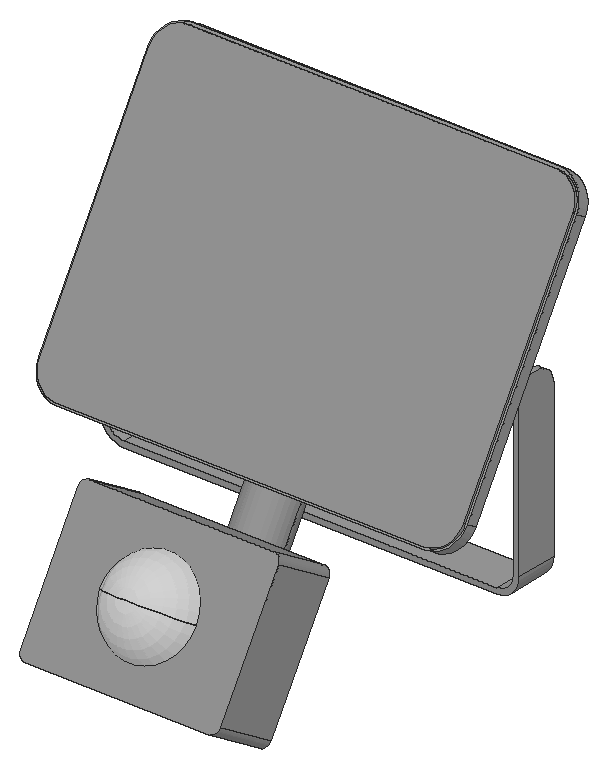
Revit family "0047966 Sylvania Lighting Fixture START eco Flood Flat IP54 PIR 2800lm 830", category Lighting Fixtures, host Face, Revit 2016
Family settings
  Host = Face
  Part Type = Normal
  Round Connector Dimension = Use Diameter
  OmniClass Number = 23.80.70.00
  OmniClass Title = Lighting
  Cut with Voids When Loaded = No
  Light Source = No
  Shared = No
  Room Calculation Point = No
Parameters (values of type "0047966 ST E FLD FLT IP54 PIR 2800LM 830")
  WidthBracketIn_SYL = if([10W_SYL], 102.2 mm, if([30W_SYL], 143.3 mm, if([50W_SYL], 181 mm, 262.8 mm)))  # 143.3 mm
  Weight = "4.88 kg"
  Wattage Comments = ""
  WarrantyStartDate [instance] = "n/a"
  WarrantyGuarantorParts = "n/a"
  WarrantyDurationUnit = "n/a"
  WarrantyDurationParts = "n/a"
  WarrantyDescription = "n/a"
  Voltage = 0 V
  URL = "http://www.sylvania-lighting.com"
  TypeName = "START eco Flood Flat IP54 PIR 2800lm 830"
  TypeLight_SYL = START eco Flood Flat Lamp : 0047966 ST E FLD FLT IP54 PIR 2800LM 830
  Type Image = <None>
  Type Comments = "n/a"
  ThicknessBracket_SYL = if([10W_SYL], 1.5 mm, 2 mm)  # 2 mm
  SerialNumber [instance] = "n/a"
  RotationAngle_SYL [instance] = 32.00°
  RadiusBracket_SYL = if([10W_SYL], 7.7 mm, if([30W_SYL], 8 mm, if([50W_SYL], 17 mm, 14 mm)))  # 8 mm
  RadiusBracketIn_SYL = RadiusBracket_SYL - ThicknessBracket_SYL  # 6 mm
  OffsetAxis_SYL = DepthBracket_SYL / 2  # 7.5 mm
  PowerFactor = 0.9
  PowerConsumption = "31 W"
  NominalLength = 156 mm
  NominalHeight = 67 mm
  NominalDepth = 178 mm
  Name = "START eco Flood Flat IP54 PIR 2800lm 830"
  ModelReference = Name  # "START eco Flood Flat IP54 PIR 2800lm 830"
  ModelNumber = "0047966"
  Model = Name  # "START eco Flood Flat IP54 PIR 2800lm 830"
  Material = "adc12 housing"
  ManufacturerName = "Feilo Sylvania"
  Manufacturer = "Feilo Sylvania"
  LuminousEfficacy = "87 lm/W"
  LuminaireType = ""
  LightOutputRatio = "n/a"
  LampsType = Lamp  # "LED"
  LampNominalLuminous = "2700 lm"
  LampMacAdamStep = "n/a"
  LampColourTemperature = "3000 K"
  LampColourRenderingIndex = "80"
  Lamp = "LED"
  Keynote = "16500"
  InstallationDate [instance] = "n/a"
  InputVoltage = "n/a"
  InputNominalFrequency = "n/a"
  IngressProtection = "IP54"
  ImpactProtectionIndex = "IK05"
  IfcExportType = "IfcLightFixtureType"
  IfcExportAs = "IfcLightFixtureType"
  HeightBracket_SYL = if([10W_SYL], 55 mm, if([30W_SYL], 70 mm, if([50W_SYL], 110 mm, 141 mm)))  # 70 mm
  ExpectedLife = 30000
  EndAngle_SYL [instance] = RotationAngle_SYL + 180.00°  # 212.00°
  ElectricShockClassification = "Class I"
  DurationUnit = "hours"
  DocumentationLiterature = "http://www.sylvania-lighting.com/product/en-int/products/0047966"
  DimmingControlOptions = "n/a"
  Description = "The new Start eco Flood Flat comes with improved design. The streamlined, durable, lightweight die-cast aluminium body makes it a perfect choice for building facades, car parks, garages and construction areas. The product includes 1 m pre-wired stripped cable and fitting bracket for quick and easy installation and the universal mounting bracket allows wall or surface mounting with the possibility of vertical tilting. Black die-cast aluminum housing, white reflector, 2700 lm, 31 W, 87 lm/W, 3000K, drive current 116 mA, non dimmable, CRI>80, IP54, IK06 - fixture, IK05 - sensor, Class I, lumen maintenance L70:B50: 30000 hrs, 156 x 178 x 67 mm (L x W x H). Weight: 0.61kg.  PIR sensor included. Energy class: A++ A+ A."
  DepthBracket_SYL = if([10W_SYL], 15 mm, if([30W_SYL], 15 mm, if([50W_SYL], 17 mm, 25 mm)))  # 15 mm
  Default Elevation = 1219.2 mm
  CreatedOn = "10/8/2018"
  CreatedBy = "@sylvania-lighting.com"
  Cost = 0
  built-in parameter 1114216 [instance] = (empty or 0)
  ClassificationValue = "EF_70_80"
  ClassificationName = "Uniclass2015"
  Material_1_SYL = Body-Sylvania-FloodFlat-Black
  BarCode [instance] = "n/a"
  AssetType = "Fixed"
  AssetIdentifier [instance] = "n/a"
  Assembly Code = "D5020200"
  Apparent Load = 31 VA
  50W_SYL = no
  30W_SYL = yes
  10W_SYL = no
Reference planes
  plane 1 "Center (Front/Back)": y = 0
  plane 2: z = 0
  plane 3 "Center (Left/Right)": x = 0
  plane 4: x = -73.65
  plane 5: x = 73.65
  plane 6: z = 70
  plane 7: z = 62.5
  plane 8: x = -71.65
  plane 9: x = 71.65
  plane 10: z = 2
  plane 11: y = 7.5
  plane 12: y = -7.5
  plane 13: x = -65.65
  plane 14: z = 8
  plane 15: x = 65.65
  plane 16: y = -9.5
  plane 17: z = 72
  plane 18: y = 9.5
Forms (mm)
  Extrusion 1, solid, material "Body-Sylvania-FloodFlat-Black" <- "Material_1_SYL"
    sketch origin (0, 0, 0) x (1, 0, 0) y (0, 0, 1)
      loop
        line (-71.65, 70) -> (-73.65, 70) -> (-73.65, 8)
        arc (-73.65, 8) -> (-71.307, 2.343) -> (-65.65, 0) r 8
        line (-65.65, 0) -> (65.65, 0)
        arc (65.65, 0) -> (71.307, 2.343) -> (73.65, 8) r 8
        line (73.65, 8) -> (73.65, 70) -> (71.65, 70) -> (71.65, 8)
        arc (71.65, 8) -> (69.893, 3.757) -> (65.65, 2) r 6
        line (65.65, 2) -> (-65.65, 2)
        arc (-65.65, 2) -> (-69.893, 3.757) -> (-71.65, 8) r 6
        line (-71.65, 8) -> (-71.65, 70)
    from -7.5 to 7.5
  Extrusion 2, void
    sketch origin (0, 0, 0) x (0, 1, 0) y (0, 0, 1)
      loop
        line (7.5, 62.5) -> (9.5, 62.5) -> (9.5, 72) -> (-9.5, 72) -> (-9.5, 62.5) -> (-7.5, 62.5)
        arc (-7.5, 62.5) -> (0, 70) -> (7.5, 62.5) r 7.5
    from -73.65 to 73.65
  Revolve 3, solid, not visible
    sketch origin (0, 0, 0) x (1, 0, 0) y (0, 0, 1)
      loop
        line (0, 62.5) -> (0, 70) -> (-12.336, 70) -> (-12.336, 62.5) -> (0, 62.5)
      axis (0, 62.5) -> (-12.336, 62.5)
    angle from 32 <- "RotationAngle_SYL" to 212 <- "EndAngle_SYL"
Cuts and joins
  Extrusion 2 cuts Extrusion 1
Dimensions and locks
  equal spacing: plane 9, plane 3 "Center (Left/Right)", plane 8
  "WidthBracketIn_SYL": plane 9 to plane 8
  "ThicknessBracket_SYL": plane 8 to plane 4
  "ThicknessBracket_SYL": plane 5 to plane 9
  "ThicknessBracket_SYL": plane 10 to plane 2
  equal spacing: plane 12, plane 1 "Center (Front/Back)", plane 11
  "DepthBracket_SYL": plane 12 to plane 11
  "OffsetAxis_SYL": plane 7 to plane 6
  "HeightBracket_SYL": plane 6 to plane 2
  "RadiusBracket_SYL": plane 14 to plane 2
  equal spacing: plane 15, plane 3 "Center (Left/Right)", plane 13
  "RadiusBracket_SYL": plane 13 to plane 4
  equal spacing: plane 16, plane 1 "Center (Front/Back)", plane 18
  locked: plane 16 to plane 12 at 2
  locked: plane 6 to plane 17 at 2
  "RadiusBracket_SYL": radius of Extrusion 1 sketch curve  (x2)
  "RadiusBracketIn_SYL": radius of Extrusion 1 sketch curve  (x2)
  aligned and locked: plane 2 to host face
  aligned and locked: level to host face
  aligned and locked: Extrusion 1 sketch curve to plane 6  (x2)
  aligned and locked: Extrusion 1 sketch curve to plane 4
  aligned and locked: plane 5 to Extrusion 1 sketch curve
  aligned and locked: Extrusion 1 sketch curve to plane 9
  aligned and locked: Extrusion 1 sketch curve to plane 2
  aligned and locked: plane 13 to Extrusion 1 sketch curve
  aligned and locked: plane 14 to Extrusion 1 sketch curve  (x2)
  aligned and locked: plane 15 to Extrusion 1 sketch curve
  aligned and locked: Extrusion 1 to plane 11
  aligned and locked: plane 12 to Extrusion 1
  aligned and locked: plane 11 to Extrusion 2 sketch curve
  aligned and locked: plane 1 "Center (Front/Back)" to Extrusion 2 sketch curve
  aligned and locked: plane 7 to Extrusion 2 sketch curve
  aligned and locked: plane 17 to Extrusion 2 sketch curve
  aligned and locked: plane 18 to Extrusion 2 sketch curve
  aligned and locked: Extrusion 2 sketch curve to plane 16
  aligned and locked: Extrusion 2 sketch curve to plane 7  (x2)
  aligned and locked: plane 5 to Extrusion 2
  aligned and locked: Extrusion 2 to plane 4
  aligned and locked: Revolve 3 sketch curve to plane 7  (x2)
  aligned and locked: Revolve 3 sketch curve to plane 3 "Center (Left/Right)"
  aligned and locked: plane 6 to Revolve 3 sketch curve
  aligned and locked: plane 3 "Center (Left/Right)" to nested 1
Automatic sketch dimensions
  host sketch curve to host sketch curve = 2438.4 mm  (x2)
  Revolve 3 sketch curve to plane 3 "Center (Left/Right)" = 12.336 mm
  Revolve 3 sketch curve to plane 4 = 1122.5 mm
  plane 5 to Revolve 3 sketch curve = 1130.9 mm
Nested families
  nested 1: "START eco Flood Flat Lamp" at (0, 3.021, 67.334) x (1, 0, 0) z (0, -0.848, 0.5299), type <- "TypeLight_SYL", type "0047966 ST E FLD FLT IP54 PIR 2800LM 830"
    with built-in parameter 1114216 (empty or 0)
Connectors
  electrical at (0, 0, 0), driven by "Apparent Load", driven by "PowerFactor", driven by "Voltage"
    settings: index 1, voltage 0 V, apparent load 31 VA, apparent load phase1 0 VA, apparent load phase2 0 VA, apparent load phase3 0 VA, power factor 0.9, load classification "Lighting", number of poles 1, system type 30, power factor state 1, is connector primary yes, connector utility no, sub classification motor no, connector description ""
Definition of nested family "START eco Flood Flat Lamp"
  Parameters (values of type "0047977 ST E FLD FLT IP65 9000LM 840")
    Width_SYL = if([10W_SYL], 110 mm, if([30W_SYL], 151 mm, if([50W_SYL], 189 mm, 275 mm)))  # 275 mm
    WidthLEDBoard_SYL = if([10W_SYL], 40 mm, if([30W_SYL], 83 mm, if([50W_SYL], 80 mm, 180 mm)))  # 180 mm
    WidthVignette_SYL = if([10W_SYL], 78.6 mm, if([30W_SYL], 120 mm, if([50W_SYL], 157 mm, 226 mm)))  # 226 mm
    WidthBoltHousing_SYL = 4 * OffsetBoltHousing_SYL  # 24.5 mm
    Wattage Comments = "n/a"
    Wattage = 100 W
    built-in parameter 1150110 = 1 (stored number, unit not read)
    URL = "http://www.sylvania-lighting.com"
    Type Image = (empty or 0)
    Type Comments = "n/a"
    built-in parameter 1114217 = 1 (stored number, unit not read)
    Tilt Angle = -90.00°
    ThicknessScreen_SYL = if([10W_SYL], 5 mm, if([30W_SYL], 5.2 mm, if([50W_SYL], 5.4 mm, 6.1 mm)))  # 6.1 mm
    ThicknessDiffuser_SYL = 0.8 mm  # constant formula
    built-in parameter 1150109 = 1 (stored number, unit not read)
    built-in parameter 1150134 = 12
    built-in parameter 1150113 = 1 (stored number, unit not read)
    RotationAxisFromTop_SYL = if([10W_SYL], 48.8 mm, if([30W_SYL], 61.7 mm, if([50W_SYL], 91.3 mm, 133.4 mm)))  # 133.4 mm
    RadiusLEDBoard_SYL = if([10W_SYL], 1.5 mm, if([30W_SYL], 2 mm, if([50W_SYL], 1.9 mm, 3.7 mm)))  # 3.7 mm
    RadiusDiffuser_SYL = RadiusCorners_SYL - ThicknessDiffuser_SYL  # 13.4 mm
    RadiusCorners_SYL = if([10W_SYL], 10.5 mm, if([30W_SYL], 10.7 mm, if([50W_SYL], 10.7 mm, 14.2 mm)))  # 14.2 mm
    RadiusBoltHousing_SYL = if([10W_SYL], 4.1 mm, if([30W_SYL], 4.9 mm, if([50W_SYL], 5 mm, 8.1 mm)))  # 8.1 mm
    RadiusBack_SYL = RadiusCorners_SYL - OffsetXBack_SYL / 3  # 10.117 mm
    RadiusBackB_SYL = RadiusBack_SYL - OffsetXBackB_SYL  # 7.054 mm
    Photometric Web File = "0047977.ies"
    PIR_SYL = no
    PIRHolderRadius_SYL = PIRBaseFillet_SYL + 2 mm  # 11 mm
    PIRFillet_SYL = 3 mm  # constant formula
    PIRBaseWidth_SYL = 38 mm
    PIRBaseFillet_SYL = PIRBaseDepth_SYL / 2  # 9 mm
    PIRBaseDepth_SYL = 18 mm
    OffsetYBack_SYL = (Height_SYL - HeightVignette_SYL) / 4  # 11 mm
    OffsetYBackB_SYL = OffsetYBack_SYL / 4  # 2.75 mm
    OffsetXBack_SYL = (Width_SYL - WidthVignette_SYL) / 4  # 12.25 mm
    OffsetXBackB_SYL = OffsetXBack_SYL / 4  # 3.063 mm
    OffsetBoltHousing_SYL = OffsetXBack_SYL / 2  # 6.125 mm
    Material_7_SYL = none
    Material_6_SYL = none
    Material_5_SYL = none
    Material_3_SYL = none
    Model = "START eco Flood Flat IP65 9000lm 840"
    Manufacturer = "Feilo Sylvania"
    built-in parameter 1150105 = 3437 (stored number, unit not read)
    Lumens = 9500 lm
    built-in parameter 1150115 = 1 (stored number, unit not read)
    built-in parameter 1150137 = (empty or 0)
    built-in parameter 1150139 = (empty or 0)
    built-in parameter 1150112 = 1 (stored number, unit not read)
    built-in parameter 1150114 = 1 (stored number, unit not read)
    Lamp = "LED"
    Keynote = "16500"
    Material_2_SYL = none
    InsertionPlaneFromTop_SYL = if([10W_SYL], 15.1 mm, if([30W_SYL], 14.5 mm, if([50W_SYL], 14.8 mm, 19.3 mm)))  # 19.3 mm
    built-in parameter 1150132 = (empty or 0)
    built-in parameter 1150102 = (empty or 0)
    built-in parameter 1150107 = 4000 (stored number, unit not read)
    built-in parameter 1150138 = (empty or 0)
    built-in parameter 1150106 = 34.37 (stored number, unit not read)
    Height_SYL = if([10W_SYL], 81.6 mm, if([30W_SYL], 112 mm, if([50W_SYL], 140.5 mm, 211 mm)))  # 211 mm
    HeightVignette_SYL = if([10W_SYL], 50 mm, if([30W_SYL], 81 mm, if([50W_SYL], 110 mm, 167 mm)))  # 167 mm
    HeightLEDBoard_SYL = if([10W_SYL], 25 mm, if([30W_SYL], 39 mm, if([50W_SYL], 56 mm, 132 mm)))  # 132 mm
    Emit from Rectangle Width = HeightVignette_SYL - 2 * RadiusVignette_SYL  # 146.2 mm
    Emit from Rectangle Length = WidthVignette_SYL - 2 * RadiusVignette_SYL  # 205.2 mm
    Emit Shape Visible in Rendering = no
    built-in parameter 1150104 = 8.8258 (stored number, unit not read)
    Dimming Lamp Color Temperature Shift = (empty or 0)
    DepthLEDBoard_SYL = (ThicknessScreen_SYL + DepthBack_SYL) / 9  # 2.289 mm
    DepthBack_SYL = if([10W_SYL], 10.2 mm, if([30W_SYL], 14.7 mm, if([50W_SYL], 16.9 mm, 14.5 mm)))  # 14.5 mm
    RadiusVignette_SYL = if([10W_SYL], 4.1 mm, if([30W_SYL], 4.1 mm, if([50W_SYL], 4.1 mm, 10.4 mm)))  # 10.4 mm
    Description = "The new Start eco Flood Flat comes with improved design. The streamlined, durable, lightweight die-cast aluminium body makes it a perfect choice for building facades, car parks, garages and construction areas. The product includes 1 m pre-wired stripped cable and fitting bracket for quick and easy installation and the universal mounting bracket allows wall or surface mounting with the possibility of vertical tilting. Black die-cast aluminum housing, white reflector, 9500 lm, 100 W, 95 lm/W, 4000K, drive current 386 mA, non dimmable, CRI>80, IP65, IK07, Class I, lumen maintenance L70:B50: 30000 hrs, 283 x 263 x 44 mm (L x W x H). Weight: 1.775kg. Energy class: A++ A+ A."
    DepthReflector_SYL = (ThicknessScreen_SYL + DepthBack_SYL) / 2  # 10.3 mm
    Default Elevation = 1219.2 mm
    Cost = 0
    Color Filter = 16777215
    built-in parameter 1114216 [instance] = (empty or 0)
    Material_1_SYL = none
    built-in parameter 1114218 = 1 (stored number, unit not read)
    built-in parameter 1150133 = 10 (stored number, unit not read)
    Assembly Code = "D5020200"
    Apparent Load = 100 VA
    Material_4_SYL = none
    50W_SYL = no
    30W_SYL = no
    10W_SYL = no
  Types (16, lengths in mm): name | Width_SYL | WidthLEDBoard_SYL | WidthVignette_SYL | WidthBoltHousing_SYL | Wattage | ThicknessScreen_SYL | built-in parameter 1150134 | RotationAxisFromTop_SYL | RadiusLEDBoard_SYL | RadiusDiffuser_SYL | RadiusCorners_SYL | RadiusBoltHousing_SYL | RadiusBack_SYL | RadiusBackB_SYL | Photometric Web File | PIR_SYL | OffsetYBack_SYL | OffsetYBackB_SYL | OffsetXBack_SYL | OffsetXBackB_SYL | OffsetBoltHousing_SYL | Model | built-in parameter 1150105 | Lumens | InsertionPlaneFromTop_SYL | built-in parameter 1150107 | built-in parameter 1150106 | Height_SYL | HeightVignette_SYL | HeightLEDBoard_SYL | Emit from Rectangle Width | Emit from Rectangle Length | built-in parameter 1150104 | DepthLEDBoard_SYL | DepthBack_SYL | RadiusVignette_SYL | Description | DepthReflector_SYL | Apparent Load | 50W_SYL | 30W_SYL | 10W_SYL
    0047977 ST E FLD FLT IP65 9000LM 840 | 275 | 180 | 226 | 24.5 | 100 W | 6.1 | 12 | 133.4 | 3.7 | 13.4 | 14.2 | 8.1 | 10.117 | 7.054 | "0047977.ies" | no | 11 | 2.75 | 12.25 | 3.063 | 6.125 | "START eco Flood Flat IP65 9000lm 840" | 3437 (stored number, unit not read) | 9500 lm | 19.3 | 4000 (stored number, unit not read) | 34.37 (stored number, unit not read) | 211 | 167 | 132 | 146.2 | 205.2 | 8.8258 (stored number, unit not read) | 2.289 | 14.5 | 10.4 | "The new Start eco Flood Flat comes with improved design. The streamlined, durable, lightweight die-cast aluminium body makes it a perfect choice for building facades, car parks, garages and construction areas. The product includes 1 m pre-wired stripped cable and fitting bracket for quick and easy installation and the universal mounting bracket allows wall or surface mounting with the possibility of vertical tilting. Black die-cast aluminum housing, white reflector, 9500 lm, 100 W, 95 lm/W, 4000K, drive current 386 mA, non dimmable, CRI>80, IP65, IK07, Class I, lumen maintenance L70:B50: 30000 hrs, 283 x 263 x 44 mm (L x W x H). Weight: 1.775kg. Energy class: A++ A+ A." | 10.3 | 100 VA | no | no | no
    0047976 ST E FLD FLT IP65 9000LM 830 | 275 | 180 | 226 | 24.5 | 100 W | 6.1 | (empty or 0) | 133.4 | 3.7 | 13.4 | 14.2 | 8.1 | 10.117 | 7.054 | "0047976.ies" | no | 11 | 2.75 | 12.25 | 3.063 | 6.125 | "START eco Flood Flat IP65 9000lm 830" | 3256.1 (stored number, unit not read) | 9000 lm | 19.3 | 3000 (stored number, unit not read) | 32.561 (stored number, unit not read) | 211 | 167 | 132 | 146.2 | 205.2 | 8.3613 (stored number, unit not read) | 2.289 | 14.5 | 10.4 | "The new Start eco Flood Flat comes with improved design. The streamlined, durable, lightweight die-cast aluminium body makes it a perfect choice for building facades, car parks, garages and construction areas. The product includes 1 m pre-wired stripped cable and fitting bracket for quick and easy installation and the universal mounting bracket allows wall or surface mounting with the possibility of vertical tilting. Black die-cast aluminum housing, white reflector, 9000 lm, 100 W, 90 lm/W, 3000K, drive current 386 mA, non dimmable, CRI>80, IP65, IK07, Class I, lumen maintenance L70:B50: 30000 hrs, 283 x 263 x 44 mm (L x W x H). Weight: 1.775kg. Energy class: A++ A+ A." | 10.3 | 100 VA | no | no | no
    0047973 ST E FLD FLT IP65 6500LM 840 | 275 | 180 | 226 | 24.5 | 70 W | 6.1 | 12 | 133.4 | 3.7 | 13.4 | 14.2 | 8.1 | 10.117 | 7.054 | "0047973.ies" | no | 11 | 2.75 | 12.25 | 3.063 | 6.125 | "START eco Flood Flat IP65 6500lm 840" | 2460.1 (stored number, unit not read) | 6650 lm | 19.3 | 4000 (stored number, unit not read) | 24.601 (stored number, unit not read) | 211 | 167 | 132 | 146.2 | 205.2 | 8.8258 (stored number, unit not read) | 2.289 | 14.5 | 10.4 | "The new Start eco Flood Flat comes with improved design. The streamlined, durable, lightweight die-cast aluminium body makes it a perfect choice for building facades, car parks, garages and construction areas. The product includes 1 m pre-wired stripped cable and fitting bracket for quick and easy installation and the universal mounting bracket allows wall or surface mounting with the possibility of vertical tilting. Black die-cast aluminum housing, white reflector, 6650 lm, 70 W, 95 lm/W, 4000K, drive current 270 mA, non dimmable, CRI>80, IP65, IK07, Class I, lumen maintenance L70:B50: 30000 hrs, 283 x 263 x 44 mm (L x W x H). Weight: 1.775kg. Energy class: A++ A+ A." | 10.3 | 70 VA | no | no | no
    0047972 ST E FLD FLT IP65 6500LM 830 | 275 | 180 | 226 | 24.5 | 70 W | 6.1 | (empty or 0) | 133.4 | 3.7 | 13.4 | 14.2 | 8.1 | 10.117 | 7.054 | "0047972.ies" | no | 11 | 2.75 | 12.25 | 3.063 | 6.125 | "START eco Flood Flat IP65 6500lm 830" | 2330.6 (stored number, unit not read) | 6300 lm | 19.3 | 3000 (stored number, unit not read) | 23.306 (stored number, unit not read) | 211 | 167 | 132 | 146.2 | 205.2 | 8.3613 (stored number, unit not read) | 2.289 | 14.5 | 10.4 | "The new Start eco Flood Flat comes with improved design. The streamlined, durable, lightweight die-cast aluminium body makes it a perfect choice for building facades, car parks, garages and construction areas. The product includes 1 m pre-wired stripped cable and fitting bracket for quick and easy installation and the universal mounting bracket allows wall or surface mounting with the possibility of vertical tilting. Black die-cast aluminum housing, white reflector, 6300 lm, 70 W, 90 lm/W, 3000K, drive current 270 mA, non dimmable, CRI>80, IP65, IK07, Class I, lumen maintenance L70:B50: 30000 hrs, 283 x 263 x 44 mm (L x W x H). Weight: 1.775kg. Energy class: A++ A+ A." | 10.3 | 70 VA | no | no | no
    0047971 ST E FLD FLT IP54 PIR 4500LM 840 | 189 | 80 | 157 | 16 | 51 W | 5.4 | 12 | 91.3 | 1.9 | 9.9 | 10.7 | 5 | 8.033 | 6.033 | "0047971.ies" | yes | 7.625 | 1.906 | 8 | 2 | 4 | "START eco Flood Flat IP54 PIR 4500lm 840" | 1695.8 (stored number, unit not read) | 4743 lm | 14.8 | 4000 (stored number, unit not read) | 16.958 (stored number, unit not read) | 140.5 | 110 | 56 | 101.8 | 148.8 | 8.64 (stored number, unit not read) | 2.478 | 16.9 | 4.1 | "The new Start eco Flood Flat comes with improved design. The streamlined, durable, lightweight die-cast aluminium body makes it a perfect choice for building facades, car parks, garages and construction areas. The product includes 1 m pre-wired stripped cable and fitting bracket for quick and easy installation and the universal mounting bracket allows wall or surface mounting with the possibility of vertical tilting. Black die-cast aluminum housing, white reflector, 4750 lm, 51 W, 93 lm/W, 4000K, drive current 193 mA, non dimmable, CRI>80, IP54, IK07 - fixture, IK05 - sensor, Class I, lumen maintenance L70:B50: 30000 hrs, 193 x 216 x 70 mm (L x W x H). Weight: 0.85kg.  PIR sensor included. Energy class: A++ A+ A." | 11.15 | 51 VA | yes | no | no
    0047970 ST E FLD FLT IP54 PIR 4500LM 830 | 189 | 80 | 157 | 16 | 51 W | 5.4 | (empty or 0) | 91.3 | 1.9 | 9.9 | 10.7 | 5 | 8.033 | 6.033 | "0047970.ies" | yes | 7.625 | 1.906 | 8 | 2 | 4 | "START eco Flood Flat IP54 PIR 4500lm 830" | 1604.6 (stored number, unit not read) | 4488 lm | 14.8 | 3000 (stored number, unit not read) | 16.046 (stored number, unit not read) | 140.5 | 110 | 56 | 101.8 | 148.8 | 8.1755 (stored number, unit not read) | 2.478 | 16.9 | 4.1 | "The new Start eco Flood Flat comes with improved design. The streamlined, durable, lightweight die-cast aluminium body makes it a perfect choice for building facades, car parks, garages and construction areas. The product includes 1 m pre-wired stripped cable and fitting bracket for quick and easy installation and the universal mounting bracket allows wall or surface mounting with the possibility of vertical tilting. Black die-cast aluminum housing, white reflector, 4500 lm, 51 W, 88 lm/W, 3000K, drive current 193 mA, non dimmable, CRI>80, IP54, IK07 - fixture, IK05 - sensor, Class I, lumen maintenance L70:B50: 30000 hrs, 193 x 216 x 70 mm (L x W x H). Weight: 0.85kg.  PIR sensor included. Energy class: A++ A+ A." | 11.15 | 51 VA | yes | no | no
    0047969 ST E FLD FLT IP65 4500LM 840 | 189 | 80 | 157 | 16 | 50 W | 5.4 | 12 | 91.3 | 1.9 | 9.9 | 10.7 | 5 | 8.033 | 6.033 | "0047969.ies" | no | 7.625 | 1.906 | 8 | 2 | 4 | "START eco Flood Flat IP65 4500lm 840" | 1698.3 (stored number, unit not read) | 4750 lm | 14.8 | 4000 (stored number, unit not read) | 16.983 (stored number, unit not read) | 140.5 | 110 | 56 | 101.8 | 148.8 | 8.8258 (stored number, unit not read) | 2.478 | 16.9 | 4.1 | "The new Start eco Flood Flat comes with improved design. The streamlined, durable, lightweight die-cast aluminium body makes it a perfect choice for building facades, car parks, garages and construction areas. The product includes 1 m pre-wired stripped cable and fitting bracket for quick and easy installation and the universal mounting bracket allows wall or surface mounting with the possibility of vertical tilting. Black die-cast aluminum housing, white reflector, 4750 lm, 50 W, 95 lm/W, 4000K, drive current 193 mA, non dimmable, CRI>80, IP65, IK07, Class I, lumen maintenance L70:B50: 30000 hrs, 193 x 190 x 48 mm (L x W x H). Weight: 0.785kg. Energy class: A++ A+ A." | 11.15 | 50 VA | yes | no | no
    0047968 ST E FLD FLT IP65 4500LM 830 | 189 | 80 | 157 | 16 | 50 W | 5.4 | (empty or 0) | 91.3 | 1.9 | 9.9 | 10.7 | 5 | 8.033 | 6.033 | "0047968.ies" | no | 7.625 | 1.906 | 8 | 2 | 4 | "START eco Flood Flat IP65 4500lm 830" | 1608.9 (stored number, unit not read) | 4500 lm | 14.8 | 3000 (stored number, unit not read) | 16.089 (stored number, unit not read) | 140.5 | 110 | 56 | 101.8 | 148.8 | 8.3613 (stored number, unit not read) | 2.478 | 16.9 | 4.1 | "The new Start eco Flood Flat comes with improved design. The streamlined, durable, lightweight die-cast aluminium body makes it a perfect choice for building facades, car parks, garages and construction areas. The product includes 1 m pre-wired stripped cable and fitting bracket for quick and easy installation and the universal mounting bracket allows wall or surface mounting with the possibility of vertical tilting. Black die-cast aluminum housing, white reflector, 4500 lm, 50 W, 90 lm/W, 3000K, drive current 193 mA, non dimmable, CRI>80, IP65, IK07, Class I, lumen maintenance L70:B50: 30000 hrs, 193 x 190 x 48 mm (L x W x H). Weight: 0.785kg. Energy class: A++ A+ A." | 11.15 | 50 VA | yes | no | no
    0047967 ST E FLD FLT IP54 PIR 2800LM 840 | 151 | 83 | 120 | 15.5 | 31 W | 5.2 | 12 | 61.7 | 2 | 9.9 | 10.7 | 4.9 | 8.117 | 6.179 | "0047967.ies" | yes | 7.75 | 1.938 | 7.75 | 1.938 | 3.875 | "START eco Flood Flat IP54 PIR 2800lm 840" | 1045.5 (stored number, unit not read) | 2852 lm | 14.5 | 4000 (stored number, unit not read) | 10.455 (stored number, unit not read) | 112 | 81 | 39 | 72.8 | 111.8 | 8.5471 (stored number, unit not read) | 2.211 | 14.7 | 4.1 | "The new Start eco Flood Flat comes with improved design. The streamlined, durable, lightweight die-cast aluminium body makes it a perfect choice for building facades, car parks, garages and construction areas. The product includes 1 m pre-wired stripped cable and fitting bracket for quick and easy installation and the universal mounting bracket allows wall or surface mounting with the possibility of vertical tilting. Black die-cast aluminum housing, white reflector, 2850 lm, 31 W, 92 lm/W, 4000K, drive current 116 mA, non dimmable, CRI>80, IP54, IK06 - fixture, IK05 - sensor, Class I, lumen maintenance L70:B50: 30000 hrs, 156 x 178 x 67 mm (L x W x H). Weight: 0.61kg.  PIR sensor included. Energy class: A++ A+ A." | 9.95 | 31 VA | no | yes | no
    0047966 ST E FLD FLT IP54 PIR 2800LM 830 | 151 | 83 | 120 | 15.5 | 31 W | 5.2 | (empty or 0) | 61.7 | 2 | 9.9 | 10.7 | 4.9 | 8.117 | 6.179 | "0047966.ies" | yes | 7.75 | 1.938 | 7.75 | 1.938 | 3.875 | "START eco Flood Flat IP54 PIR 2800lm 830" | 988.72 (stored number, unit not read) | 2697 lm | 14.5 | 3000 (stored number, unit not read) | 9.8872 (stored number, unit not read) | 112 | 81 | 39 | 72.8 | 111.8 | 8.0826 (stored number, unit not read) | 2.211 | 14.7 | 4.1 | "The new Start eco Flood Flat comes with improved design. The streamlined, durable, lightweight die-cast aluminium body makes it a perfect choice for building facades, car parks, garages and construction areas. The product includes 1 m pre-wired stripped cable and fitting bracket for quick and easy installation and the universal mounting bracket allows wall or surface mounting with the possibility of vertical tilting. Black die-cast aluminum housing, white reflector, 2700 lm, 31 W, 87 lm/W, 3000K, drive current 116 mA, non dimmable, CRI>80, IP54, IK06 - fixture, IK05 - sensor, Class I, lumen maintenance L70:B50: 30000 hrs, 156 x 178 x 67 mm (L x W x H). Weight: 0.61kg.  PIR sensor included. Energy class: A++ A+ A." | 9.95 | 31 VA | no | yes | no
    0047965 ST E FLD FLT IP65 2800LM 840 | 151 | 83 | 120 | 15.5 | 30 W | 5.2 | 12 | 61.7 | 2 | 9.9 | 10.7 | 4.9 | 8.117 | 6.179 | "0047965.ies" | no | 7.75 | 1.938 | 7.75 | 1.938 | 3.875 | "START eco Flood Flat IP65 2800lm 840" | 1044.8 (stored number, unit not read) | 2850 lm | 14.5 | 4000 (stored number, unit not read) | 10.448 (stored number, unit not read) | 112 | 81 | 39 | 72.8 | 111.8 | 8.8258 (stored number, unit not read) | 2.211 | 14.7 | 4.1 | "The new Start eco Flood Flat comes with improved design. The streamlined, durable, lightweight die-cast aluminium body makes it a perfect choice for building facades, car parks, garages and construction areas. The product includes 1 m pre-wired stripped cable and fitting bracket for quick and easy installation and the universal mounting bracket allows wall or surface mounting with the possibility of vertical tilting. Black die-cast aluminum housing, white reflector, 2850 lm, 30 W, 95 lm/W, 4000K, drive current 116 mA, non dimmable, CRI>80, IP65, IK06, Class I, lumen maintenance L70:B50: 30000 hrs, 156 x 126 x 38 mm (L x W x H). Weight: 0.545kg. Energy class: A++ A+ A." | 9.95 | 30 VA | no | yes | no
    0047964 ST E FLD FLT IP65 2800LM 830 | 151 | 83 | 120 | 15.5 | 30 W | 5.2 | (empty or 0) | 61.7 | 2 | 9.9 | 10.7 | 4.9 | 8.117 | 6.179 | "0047964.ies" | no | 7.75 | 1.938 | 7.75 | 1.938 | 3.875 | "START eco Flood Flat IP65 2800lm 830" | 989.82 (stored number, unit not read) | 2700 lm | 14.5 | 3000 (stored number, unit not read) | 9.8982 (stored number, unit not read) | 112 | 81 | 39 | 72.8 | 111.8 | 8.3613 (stored number, unit not read) | 2.211 | 14.7 | 4.1 | "The new Start eco Flood Flat comes with improved design. The streamlined, durable, lightweight die-cast aluminium body makes it a perfect choice for building facades, car parks, garages and construction areas. The product includes 1 m pre-wired stripped cable and fitting bracket for quick and easy installation and the universal mounting bracket allows wall or surface mounting with the possibility of vertical tilting. Black die-cast aluminum housing, white reflector, 2700 lm, 30 W, 90 lm/W, 3000K, drive current 116 mA, non dimmable, CRI>80, IP65, IK06, Class I, lumen maintenance L70:B50: 30000 hrs, 156 x 126 x 38 mm (L x W x H). Weight: 0.545kg. Energy class: A++ A+ A." | 9.95 | 30 VA | no | yes | no
    0047963 ST E FLD FLT IP54 PIR 900LM 840 | 110 | 40 | 78.6 | 15.7 | 11 W | 5 | 12 | 48.8 | 1.5 | 9.7 | 10.5 | 4.1 | 7.883 | 5.921 | "0047963.ies" | yes | 7.9 | 1.975 | 7.85 | 1.963 | 3.925 | "START eco Flood Flat IP54 PIR 900lm 840" | 365.78 (stored number, unit not read) | 946 lm | 15.1 | 4000 (stored number, unit not read) | 3.6578 (stored number, unit not read) | 81.6 | 50 | 25 | 41.8 | 70.4 | 7.9897 (stored number, unit not read) | 1.689 | 10.2 | 4.1 | "The new Start eco Flood Flat comes with improved design. The streamlined, durable, lightweight die-cast aluminium body makes it a perfect choice for building facades, car parks, garages and construction areas. The product includes 1 m pre-wired stripped cable and fitting bracket for quick and easy installation and the universal mounting bracket allows wall or surface mounting with the possibility of vertical tilting. Black die-cast aluminum housing, white reflector, 950 lm, 11 W, 86 lm/W, 4000K, drive current 38.6 mA, non dimmable, CRI>80, IP54, IK06 - fixture, IK05 - sensor, Class I, lumen maintenance L70:B50: 30000 hrs, 156 x 178 x 67 mm (L x W x H). Weight: 0.61kg.  PIR sensor included. Energy class: A++ A+ A." | 7.6 | 11 VA | no | no | yes
    0047962 ST E FLD FLT IP54 PIR 900LM 830 | 110 | 40 | 78.6 | 15.7 | 11 W | 5 | (empty or 0) | 48.8 | 1.5 | 9.7 | 10.5 | 4.1 | 7.883 | 5.921 | "0047962.ies" | yes | 7.9 | 1.975 | 7.85 | 1.963 | 3.925 | "START eco Flood Flat IP54 PIR 900lm 830" | 345.53 (stored number, unit not read) | 902 lm | 15.1 | 3000 (stored number, unit not read) | 3.4553 (stored number, unit not read) | 81.6 | 50 | 25 | 41.8 | 70.4 | 7.618 (stored number, unit not read) | 1.689 | 10.2 | 4.1 | "The new Start eco Flood Flat comes with improved design. The streamlined, durable, lightweight die-cast aluminium body makes it a perfect choice for building facades, car parks, garages and construction areas. The product includes 1 m pre-wired stripped cable and fitting bracket for quick and easy installation and the universal mounting bracket allows wall or surface mounting with the possibility of vertical tilting. Black die-cast aluminum housing, white reflector, 900 lm, 11 W, 82 lm/W, 3000K, drive current 38.6 mA, non dimmable, CRI>80, IP54, IK06 - fixture, IK05 - sensor, Class I, lumen maintenance L70:B50: 30000 hrs, 156 x 178 x 67 mm (L x W x H). Weight: 0.61kg.  PIR sensor included. Energy class: A++ A+ A." | 7.6 | 11 VA | no | no | yes
    0047961 ST E FLD FLT IP65 900LM 840 | 110 | 40 | 78.6 | 15.7 | 10 W | 5 | 12 | 48.8 | 1.5 | 9.7 | 10.5 | 4.1 | 7.883 | 5.921 | "0047961.ies" | no | 7.9 | 1.975 | 7.85 | 1.963 | 3.925 | "START eco Flood Flat IP65 900lm 840" | 367.33 (stored number, unit not read) | 950 lm | 15.1 | 4000 (stored number, unit not read) | 3.6733 (stored number, unit not read) | 81.6 | 50 | 25 | 41.8 | 70.4 | 8.8258 (stored number, unit not read) | 1.689 | 10.2 | 4.1 | "The new Start eco Flood Flat comes with improved design. The streamlined, durable, lightweight die-cast aluminium body makes it a perfect choice for building facades, car parks, garages and construction areas. The product includes 1 m pre-wired stripped cable and fitting bracket for quick and easy installation and the universal mounting bracket allows wall or surface mounting with the possibility of vertical tilting. Black die-cast aluminum housing, white reflector, 950 lm, 10 W, 95 lm/W, 4000K, drive current 38.6 mA, non dimmable, CRI>80, IP65, IK06, Class I, lumen maintenance L70:B50: 30000 hrs, 114 x 96 x 38 mm (L x W x H). Weight: 0.33kg. Energy class: A++ A+ A." | 7.6 | 10 VA | no | no | yes
    0047960 ST E FLD FLT IP65 900LM 830 | 110 | 40 | 78.6 | 15.7 | 10 W | 5 | (empty or 0) | 48.8 | 1.5 | 9.7 | 10.5 | 4.1 | 7.883 | 5.921 | "0047960.ies" | no | 7.9 | 1.975 | 7.85 | 1.963 | 3.925 | "START eco Flood Flat IP65 900lm 830" | 344.76 (stored number, unit not read) | 900 lm | 15.1 | 3000 (stored number, unit not read) | 3.4476 (stored number, unit not read) | 81.6 | 50 | 25 | 41.8 | 70.4 | 8.3613 (stored number, unit not read) | 1.689 | 10.2 | 4.1 | "The new Start eco Flood Flat comes with improved design. The streamlined, durable, lightweight die-cast aluminium body makes it a perfect choice for building facades, car parks, garages and construction areas. The product includes 1 m pre-wired stripped cable and fitting bracket for quick and easy installation and the universal mounting bracket allows wall or surface mounting with the possibility of vertical tilting. Black die-cast aluminum housing, white reflector, 900 lm, 10 W, 90 lm/W, 3000K, drive current 38.6 mA, non dimmable, CRI>80, IP65, IK06, Class I, lumen maintenance L70:B50: 30000 hrs, 114 x 96 x 38 mm (L x W x H). Weight: 0.33kg. Energy class: A++ A+ A." | 7.6 | 10 VA | no | no | yes
  Reference planes
    plane 1 "Center (Front/Back)": y = 0
    plane 2: z = 0
    plane 3 "Center (Left/Right)": x = 0
    plane 4: y = 105.5
    plane 5: y = -105.5
    plane 6: x = 137.5
    plane 7: x = -137.5
    plane 8: y = 83.5
    plane 9: y = -83.5
    plane 10: x = -113
    plane 11: x = 113
    plane 12: x = -123.3
    plane 13: y = 91.3
    plane 14: y = -91.3
    plane 15: x = 123.3
    plane 16: x = -102.6
    plane 17: y = 73.1
    plane 18: x = 102.6
    plane 19: y = -73.1
    plane 20: z = 19.3
    plane 21: z = 13.2
    plane 22: z = 9
    plane 23: z = -1.3
    plane 24: x = -125.25
    plane 25: y = 94.5
    plane 26: y = -94.5
    plane 27: x = 125.25
    plane 28: x = -122.187
    plane 29: x = 122.188
    plane 30: y = 91.75
    plane 31: y = -91.75
    plane 32: z = 18.5
    plane 33: x = -90
    plane 34: x = 90
    plane 35: y = 66
    plane 36: y = -66
    plane 37: z = 6.711
    plane 38: x = -136.7
    plane 39: y = 104.7
    plane 40: y = -104.7
    plane 41: x = 136.7
    plane 42: x = -131.375
    plane 43: x = 131.375
    plane 44: x = -106.875
    plane 45: x = 106.875
    plane 46 "RotationAxis": y = -27.9
    plane 47: y = -19.8
    plane 48: x = -19
    plane 49: x = 19
    plane 50: z = -10.3
    plane 51: z = 7.7
    plane 52: x = 10
    plane 53: x = -10
    plane 54: y = -155.5
    plane 55: y = -137.5
    plane 56: y = -146.5
    plane 57: x = -9
    plane 58: x = 9
    plane 59: y = -119.7
    plane 60: y = -173.3
    plane 61: x = -35.3
    plane 62: x = 35.3
    plane 63: z = 39.2
    plane 64: z = 33.7
  Forms (mm)
    Extrusion 1, solid
      sketch origin (4.2, 0, 0) x (1, 0, 0) y (0, 1, 0)
        loop
          line (-1219.2, 1219.2) -> (-1219.2, -1219.2) -> (1219.2, -1219.2) -> (1219.2, 1219.2) -> (-1219.2, 1219.2)
      from 0 to -68.017
    Extrusion 2, solid, material <- "Material_1_SYL"
      sketch origin (1223.4, -4572, 19.3) x (0, -1, 0) y (-1, 0, 0)
        loop
          line (-4677.5, 1346.7) -> (-4677.5, 1100.1)
          arc (-4677.5, 1100.1) -> (-4673.341, 1090.059) -> (-4663.3, 1085.9) r 14.2
          line (-4663.3, 1085.9) -> (-4480.7, 1085.9)
          arc (-4480.7, 1085.9) -> (-4470.659, 1090.059) -> (-4466.5, 1100.1) r 14.2
          line (-4466.5, 1100.1) -> (-4466.5, 1346.7)
          arc (-4466.5, 1346.7) -> (-4470.659, 1356.741) -> (-4480.7, 1360.9) r 14.2
          line (-4480.7, 1360.9) -> (-4663.3, 1360.9)
          arc (-4663.3, 1360.9) -> (-4673.341, 1356.741) -> (-4677.5, 1346.7) r 14.2
      from 6.1 to 0.8
    Blend 3, solid, material <- "Material_1_SYL"
      base sketch origin (1223.4, -4572, 13.2) x (0, -1, 0) y (1, 0, 0)
        loop
          arc (-4666.5, -1338.533) -> (-4663.537, -1345.687) -> (-4656.383, -1348.65) r 10.117
          line (-4656.383, -1348.65) -> (-4487.617, -1348.65)
          arc (-4487.617, -1348.65) -> (-4480.463, -1345.687) -> (-4477.5, -1338.533) r 10.117
          line (-4477.5, -1338.533) -> (-4477.5, -1108.267)
          arc (-4477.5, -1108.267) -> (-4480.463, -1101.113) -> (-4487.617, -1098.15) r 10.117
          line (-4487.617, -1098.15) -> (-4656.383, -1098.15)
          arc (-4656.383, -1098.15) -> (-4663.537, -1101.113) -> (-4666.5, -1108.267) r 10.117
          line (-4666.5, -1108.267) -> (-4666.5, -1338.533)
      top sketch origin (1223.4, -4572, 13.2) x (0, -1, 0) y (1, 0, 0)
        loop
          arc (-4663.75, -1338.533) -> (-4661.684, -1343.521) -> (-4656.696, -1345.588) r 7.054
          line (-4656.696, -1345.588) -> (-4487.304, -1345.588)
          arc (-4487.304, -1345.588) -> (-4482.316, -1343.521) -> (-4480.25, -1338.533) r 7.054
          line (-4480.25, -1338.533) -> (-4480.25, -1108.267)
          arc (-4480.25, -1108.267) -> (-4482.316, -1103.279) -> (-4487.304, -1101.213) r 7.054
          line (-4487.304, -1101.213) -> (-4656.696, -1101.213)
          arc (-4656.696, -1101.213) -> (-4661.684, -1103.279) -> (-4663.75, -1108.267) r 7.054
          line (-4663.75, -1108.267) -> (-4663.75, -1338.533)
      from 0 to -14.5
    Blend 4, void
      base sketch origin (1223.4, -4572, 18.5) x (-1, 0, 0) y (0, -1, 0)
        loop
          arc (1326, -4655.5) -> (1333.354, -4652.454) -> (1336.4, -4645.1) r 10.4
          line (1336.4, -4645.1) -> (1336.4, -4498.9)
          arc (1336.4, -4498.9) -> (1333.354, -4491.546) -> (1326, -4488.5) r 10.4
          line (1326, -4488.5) -> (1120.8, -4488.5)
          arc (1120.8, -4488.5) -> (1113.446, -4491.546) -> (1110.4, -4498.9) r 10.4
          line (1110.4, -4498.9) -> (1110.4, -4645.1)
          arc (1110.4, -4645.1) -> (1113.446, -4652.454) -> (1120.8, -4655.5) r 10.4
          line (1120.8, -4655.5) -> (1326, -4655.5)
      top sketch origin (1223.4, -4572, 18.5) x (0, -1, 0) y (1, 0, 0)
        loop
          arc (-4638, -1309.7) -> (-4636.916, -1312.316) -> (-4634.3, -1313.4) r 3.7
          line (-4634.3, -1313.4) -> (-4509.7, -1313.4)
          arc (-4509.7, -1313.4) -> (-4507.084, -1312.316) -> (-4506, -1309.7) r 3.7
          line (-4506, -1309.7) -> (-4506, -1137.1)
          arc (-4506, -1137.1) -> (-4507.084, -1134.484) -> (-4509.7, -1133.4) r 3.7
          line (-4509.7, -1133.4) -> (-4634.3, -1133.4)
          arc (-4634.3, -1133.4) -> (-4636.916, -1134.484) -> (-4638, -1137.1) r 3.7
          line (-4638, -1137.1) -> (-4638, -1309.7)
      from 0 to -9.5
    Extrusion 5, void
      sketch origin (1223.4, -4572, 9) x (-1, 0, 0) y (0, -1, 0)
        loop
          arc (1133.4, -4634.3) -> (1134.484, -4636.916) -> (1137.1, -4638) r 3.7
          line (1137.1, -4638) -> (1309.7, -4638)
          arc (1309.7, -4638) -> (1312.316, -4636.916) -> (1313.4, -4634.3) r 3.7
          line (1313.4, -4634.3) -> (1313.4, -4509.7)
          arc (1313.4, -4509.7) -> (1312.316, -4507.084) -> (1309.7, -4506) r 3.7
          line (1309.7, -4506) -> (1137.1, -4506)
          arc (1137.1, -4506) -> (1134.484, -4507.084) -> (1133.4, -4509.7) r 3.7
          line (1133.4, -4509.7) -> (1133.4, -4634.3)
      from 4.2 to -2.289
    Extrusion 6, solid, material <- "Material_3_SYL"
      sketch origin (1223.4, -4572, 19.3) x (0, -1, 0) y (-1, 0, 0)
        loop
          line (-4676.7, 1346.7) -> (-4676.7, 1100.1)
          arc (-4676.7, 1100.1) -> (-4672.775, 1090.625) -> (-4663.3, 1086.7) r 13.4
          line (-4663.3, 1086.7) -> (-4480.7, 1086.7)
          arc (-4480.7, 1086.7) -> (-4471.225, 1090.625) -> (-4467.3, 1100.1) r 13.4
          line (-4467.3, 1100.1) -> (-4467.3, 1346.7)
          arc (-4467.3, 1346.7) -> (-4471.225, 1356.175) -> (-4480.7, 1360.1) r 13.4
          line (-4480.7, 1360.1) -> (-4663.3, 1360.1)
          arc (-4663.3, 1360.1) -> (-4672.775, 1356.175) -> (-4676.7, 1346.7) r 13.4
      from 0 to 0.8
    Revolve 7, solid, material <- "Material_1_SYL"
      sketch origin (0, 0, 0) x (1, 0, 0) y (0, 1, 0)
        loop
          line (-131.375, -27.9) -> (-106.875, -27.9) -> (-106.875, -19.8) -> (-131.375, -19.8) -> (-131.375, -27.9)
        loop
          line (131.375, -27.9) -> (131.375, -19.8) -> (106.875, -19.8) -> (106.875, -27.9) -> (131.375, -27.9)
        axis (131.375, -27.9) -> (-131.375, -27.9)
      angle from 360 to 0
    Extrusion 8, solid, material <- "Material_1_SYL", visible <- "PIR_SYL"
      sketch origin (1524, -104.7, 1219.2) x (1, 0, 0) y (0, 0, 1)
        loop
          arc (-1514, -1229.5) -> (-1505, -1220.5) -> (-1514, -1211.5) r 9
          line (-1514, -1211.5) -> (-1534, -1211.5)
          arc (-1534, -1211.5) -> (-1543, -1220.5) -> (-1534, -1229.5) r 9
          line (-1534, -1229.5) -> (-1514, -1229.5)
      from 0 to -21.2
    Extrusion 9, solid, material <- "Material_6_SYL", visible <- "PIR_SYL"
      sketch origin (1524, -104.7, 1219.2) x (1, 0, 0) y (0, 0, 1)
        loop
          circle (-1524, -1220.5) r 9
      from 0 to 41.8
    Extrusion 10, solid, material <- "Material_6_SYL", visible <- "PIR_SYL"
      sketch origin (0, 0, 0) x (0, 1, 0) y (0, 0, 1)
        loop
          circle (-146.5, -1.3) r 11
      from -10 to 10
    Extrusion 11, solid, material <- "Material_6_SYL", visible <- "PIR_SYL"
      sketch origin (1223.4, -4572, -1.3) x (0, -1, 0) y (-1, 0, 0)
        loop
          circle (-4425.5, 1223.4) r 9
      from 0 to -14.5
    Extrusion 12, solid, material <- "Material_6_SYL", visible <- "PIR_SYL"
      sketch origin (1223.4, -4572, 13.2) x (0, -1, 0) y (-1, 0, 0)
        loop
          line (-4452.3, 1255.7) -> (-4452.3, 1191.1)
          arc (-4452.3, 1191.1) -> (-4451.421, 1188.979) -> (-4449.3, 1188.1) r 3
          line (-4449.3, 1188.1) -> (-4401.7, 1188.1)
          arc (-4401.7, 1188.1) -> (-4399.579, 1188.979) -> (-4398.7, 1191.1) r 3
          line (-4398.7, 1191.1) -> (-4398.7, 1255.7)
          arc (-4398.7, 1255.7) -> (-4399.579, 1257.821) -> (-4401.7, 1258.7) r 3
          line (-4401.7, 1258.7) -> (-4449.3, 1258.7)
          arc (-4449.3, 1258.7) -> (-4451.421, 1257.821) -> (-4452.3, 1255.7) r 3
      from 0 to -26
    Revolve 13, solid, material <- "Material_7_SYL", visible <- "PIR_SYL"
      sketch origin (0, -146.5, 2438.4) x (0, 0, 1) y (1, 0, 0)
        loop
          arc (-2387.2, 0) -> (-2390.514, 10.247) -> (-2399.2, 16.613) r 17.5
          line (-2399.2, 16.613) -> (-2399.2, 0) -> (-2387.2, 0)
        axis (-2399.2, 0) -> (-2387.2, 0)
      angle from 360 to 0
  Cuts and joins
    Blend 4, Extrusion 5 cuts Extrusion 2
    Blend 4, Extrusion 5 cuts Blend 3
    joined: Extrusion 2, Blend 3
  Lines and regions (mm)
    Split face 1
      outline origin (1223.4, -4572, 19.3) x (0, -1, 0) y (1, 0, 0)
        loop
          arc (-4655.5, -1326) -> (-4652.454, -1333.354) -> (-4645.1, -1336.4) r 10.4
          line (-4645.1, -1336.4) -> (-4498.9, -1336.4)
          arc (-4498.9, -1336.4) -> (-4491.546, -1333.354) -> (-4488.5, -1326) r 10.4
          line (-4488.5, -1326) -> (-4488.5, -1120.8)
          arc (-4488.5, -1120.8) -> (-4491.546, -1113.446) -> (-4498.9, -1110.4) r 10.4
          line (-4498.9, -1110.4) -> (-4645.1, -1110.4)
          arc (-4645.1, -1110.4) -> (-4652.454, -1113.446) -> (-4655.5, -1120.8) r 10.4
          line (-4655.5, -1120.8) -> (-4655.5, -1326)
  Dimensions and locks
    equal spacing: plane 5, plane 1 "Center (Front/Back)", plane 4
    "Height_SYL": plane 5 to plane 4
    equal spacing: plane 7, plane 3 "Center (Left/Right)", plane 6
    "Width_SYL": plane 7 to plane 6
    equal spacing: plane 10, plane 3 "Center (Left/Right)", plane 11
    equal spacing: plane 9, plane 1 "Center (Front/Back)", plane 8
    "HeightVignette_SYL": plane 9 to plane 8
    "WidthVignette_SYL": plane 10 to plane 11
    equal spacing: plane 12, plane 3 "Center (Left/Right)", plane 15
    equal spacing: plane 14, plane 1 "Center (Front/Back)", plane 13
    "RadiusCorners_SYL": plane 13 to plane 4
    "RadiusCorners_SYL": plane 7 to plane 12
    equal spacing: plane 16, plane 3 "Center (Left/Right)", plane 18
    equal spacing: plane 19, plane 1 "Center (Front/Back)", plane 17
    "RadiusVignette_SYL": plane 17 to plane 8
    "RadiusVignette_SYL": plane 18 to plane 11
    "InsertionPlaneFromTop_SYL": plane 20 to plane 2
    "ThicknessScreen_SYL": plane 20 to plane 21
    "DepthReflector_SYL": plane 20 to plane 22
    "DepthBack_SYL": plane 21 to plane 23
    equal spacing: plane 24, plane 3 "Center (Left/Right)", plane 27
    "OffsetXBack_SYL": plane 7 to plane 24
    equal spacing: plane 26, plane 1 "Center (Front/Back)", plane 25
    "OffsetYBack_SYL": plane 25 to plane 4
    equal spacing: plane 28, plane 3 "Center (Left/Right)", plane 29
    "OffsetXBackB_SYL": plane 24 to plane 28
    equal spacing: plane 31, plane 1 "Center (Front/Back)", plane 30
    "OffsetYBackB_SYL": plane 30 to plane 25
    "ThicknessDiffuser_SYL": plane 20 to plane 32
    equal spacing: plane 33, plane 3 "Center (Left/Right)", plane 34
    "WidthLEDBoard_SYL": plane 33 to plane 34
    equal spacing: plane 36, plane 1 "Center (Front/Back)", plane 35
    "HeightLEDBoard_SYL": plane 36 to plane 35
    "DepthLEDBoard_SYL": plane 22 to plane 37
    equal spacing: plane 38, plane 3 "Center (Left/Right)", plane 41
    "ThicknessDiffuser_SYL": plane 7 to plane 38
    equal spacing: plane 40, plane 1 "Center (Front/Back)", plane 39
    "ThicknessDiffuser_SYL": plane 5 to plane 40
    equal spacing: plane 43, plane 3 "Center (Left/Right)", plane 42
    "OffsetBoltHousing_SYL": plane 42 to plane 7
    equal spacing: plane 45, plane 3 "Center (Left/Right)", plane 44
    "WidthBoltHousing_SYL": plane 44 to plane 42
    "RotationAxisFromTop_SYL": plane 46 "RotationAxis" to plane 4
    "RadiusBoltHousing_SYL": plane 46 "RotationAxis" to plane 47
    equal spacing: plane 49, plane 3 "Center (Left/Right)", plane 48
    "PIRBaseWidth_SYL": plane 49 to plane 48
    equal spacing: plane 50, plane 23, plane 51
    equal spacing: plane 52, plane 3 "Center (Left/Right)", plane 53
    "PIRBaseFillet_SYL": plane 49 to plane 52
    "PIRBaseDepth_SYL": plane 50 to plane 51
    locked: plane 54 to plane 40 at 50.8
    "PIRBaseDepth_SYL": plane 55 to plane 54
    equal spacing: plane 54, plane 56, plane 55
    equal spacing: plane 57, plane 3 "Center (Left/Right)", plane 58
    "PIRBaseDepth_SYL": plane 57 to plane 58
    equal spacing: plane 61, plane 3 "Center (Left/Right)", plane 62
    locked: plane 61 to plane 62 at 70.6
    equal spacing: plane 59, plane 56, plane 60
    plane 59 to plane 60 = 53.6 mm
    locked: plane 21 to plane 63 at 26
    locked: plane 64 to plane 63 at 5.5
    "RadiusCorners_SYL": radius of Extrusion 2 sketch curve  (x4)
    "RadiusVignette_SYL": radius of Blend 4 sketch curve  (x4)
    "RadiusLEDBoard_SYL": radius of Blend 4 sketch curve  (x4)
    "RadiusDiffuser_SYL": radius of Extrusion 6 sketch curve  (x4)
    "RadiusBack_SYL": radius of Blend 3 sketch curve  (x4)
    "RadiusBackB_SYL": radius of Blend 3 sketch curve  (x4)
    "PIRBaseFillet_SYL": radius of Extrusion 9 sketch curve
    "PIRHolderRadius_SYL": radius of Extrusion 10 sketch curve
    "PIRBaseFillet_SYL": radius of Extrusion 11 sketch curve
    "PIRFillet_SYL": radius of Extrusion 12 sketch curve  (x4)
    aligned and locked: plane 2 to Extrusion 1
    aligned and locked: level to Extrusion 1
    aligned and locked: plane 4 to Extrusion 2 sketch curve
    aligned and locked: plane 7 to Extrusion 2 sketch curve
    aligned and locked: Extrusion 2 sketch curve to plane 5
    aligned and locked: Extrusion 2 sketch curve to plane 6
    aligned and locked: plane 12 to Extrusion 2 sketch curve
    aligned and locked: plane 14 to Extrusion 2 sketch curve
    aligned and locked: plane 15 to Extrusion 2 sketch curve
    aligned and locked: plane 13 to Extrusion 2 sketch curve
    aligned and locked: plane 21 to Extrusion 2
    aligned and locked: Blend 3 sketch curve to plane 25
    aligned and locked: Blend 3 sketch curve to plane 24
    aligned and locked: plane 26 to Blend 3 sketch curve
    aligned and locked: plane 27 to Blend 3 sketch curve
    aligned and locked: Blend 3 sketch curve to plane 30
    aligned and locked: Blend 3 sketch curve to plane 28
    aligned and locked: plane 31 to Blend 3 sketch curve
    aligned and locked: plane 29 to Blend 3 sketch curve
    aligned and locked: plane 23 to Blend 3
    aligned and locked: Blend 3 to plane 21
    aligned and locked: Extrusion 2 to plane 32
    aligned and locked: plane 8 to Blend 4 sketch curve
    aligned and locked: plane 10 to Blend 4 sketch curve
    aligned and locked: Blend 4 sketch curve to plane 9
    aligned and locked: Blend 4 sketch curve to plane 11
    aligned and locked: plane 35 to Blend 4 sketch curve
    aligned and locked: plane 33 to Blend 4 sketch curve
    aligned and locked: Blend 4 sketch curve to plane 36
    aligned and locked: Blend 4 sketch curve to plane 34
    aligned and locked: plane 22 to Blend 4
    aligned and locked: Extrusion 2 to Blend 4
    aligned and locked: Extrusion 5 sketch curve to cut or joined group of Extrusion 2, Blend 3, Blend 4, Extrusion 5  (x4)
    aligned and locked: plane 37 to Extrusion 5
    aligned and locked: Extrusion 5 to plane 21
    aligned and locked: Extrusion 6 sketch curve to plane 39
    aligned and locked: Extrusion 6 sketch curve to plane 38
    aligned and locked: plane 40 to Extrusion 6 sketch curve
    aligned and locked: plane 41 to Extrusion 6 sketch curve
    aligned and locked: plane 32 to Extrusion 6
    aligned and locked: Extrusion 6 to plane 20
    aligned and locked: Split face 1 sketch curve to cut or joined group of Extrusion 2, Blend 3, Blend 4, Extrusion 5  (x4)
    aligned and locked: Revolve 7 sketch curve to plane 42
    aligned and locked: Revolve 7 sketch curve to plane 43
    aligned and locked: plane 45 to Revolve 7 sketch curve
    aligned and locked: plane 44 to Revolve 7 sketch curve
    aligned and locked: Revolve 7 sketch curve to plane 46 "RotationAxis"
    aligned and locked: Revolve 7 sketch curve to Revolve 7 sketch curve  (x2)
    aligned and locked: plane 47 to Revolve 7 sketch curve
    aligned and locked: plane 51 to Extrusion 8 sketch curve
    aligned and locked: plane 52 to Extrusion 8 sketch curve
    aligned and locked: plane 23 to Extrusion 8 sketch curve
    aligned and locked: plane 53 to Extrusion 8 sketch curve
    aligned and locked: plane 40 to Extrusion 8
    aligned and locked: Extrusion 8 to plane 9
    aligned and locked: plane 50 to Extrusion 8 sketch curve
    aligned and locked: plane 3 "Center (Left/Right)" to Extrusion 9 sketch curve
    aligned and locked: plane 23 to Extrusion 9 sketch curve
    aligned and locked: Extrusion 9 to plane 40
    aligned and locked: plane 23 to Extrusion 10 sketch curve
    aligned and locked: plane 56 to Extrusion 10 sketch curve
    aligned and locked: Extrusion 10 to plane 53
    aligned and locked: plane 52 to Extrusion 10
    aligned and locked: Extrusion 9 to plane 56
    aligned and locked: plane 3 "Center (Left/Right)" to Extrusion 11 sketch curve
    aligned and locked: plane 56 to Extrusion 11 sketch curve
    aligned and locked: plane 23 to Extrusion 11
    aligned and locked: Extrusion 11 to plane 21
    aligned and locked: plane 59 to Extrusion 12 sketch curve
    aligned and locked: Extrusion 12 sketch curve to plane 61
    aligned and locked: Extrusion 12 sketch curve to plane 60
    aligned and locked: plane 62 to Extrusion 12 sketch curve
    aligned and locked: plane 21 to Extrusion 12
    aligned and locked: Extrusion 12 to plane 63
    aligned and locked: cut or joined group of Extrusion 2, Blend 3, Blend 4, Extrusion 5 to Extrusion 12
    aligned and locked: Revolve 13 sketch curve to plane 3 "Center (Left/Right)"
    aligned and locked: plane 3 "Center (Left/Right)" to Revolve 13 sketch curve  (x2)
    aligned and locked: plane 64 to Revolve 13 sketch curve
    aligned and locked: Revolve 13 sketch curve to plane 63
    aligned and locked: plane 3 "Center (Left/Right)" to imposter light
    aligned and locked: imposter light to plane 1 "Center (Front/Back)"
    aligned and locked: imposter light to plane 20
  Automatic sketch dimensions
    Extrusion 1 sketch curve to Extrusion 1 sketch curve = 2438.4 mm  (x2)
    plane 47 to Revolve 7 sketch curve = 0 mm
    Revolve 7 sketch curve to plane 7 = 1469 mm
    plane 6 to Revolve 7 sketch curve = 1469 mm
    Extrusion 8 sketch curve to plane 53 = 0 mm
    plane 50 to Revolve 13 sketch curve = 593.1 mm
    Revolve 13 sketch curve to Revolve 13 sketch curve = 2561.658 mm
    Revolve 13 sketch curve to plane 63 = 12 mm
